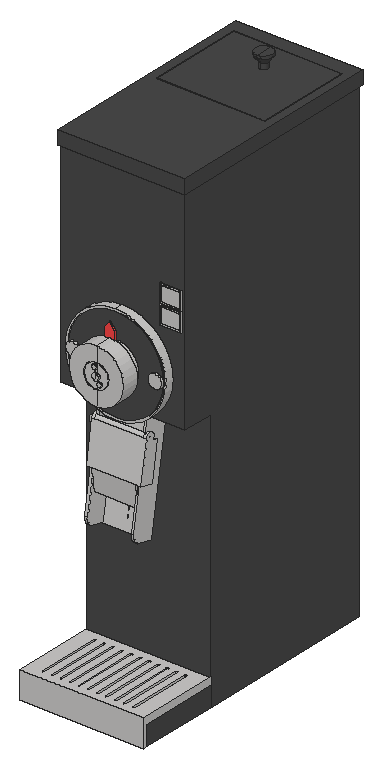
Revit family "QF_ELECTROLUXPROFESSIONAL_600794_E890UK", category Specialty Equipment, Revit 2018
Family settings
  Round Connector Dimension = Use Diameter
  Part Type = Normal
  Work Plane-Based = No
  Always vertical = Yes
  Cut with Voids When Loaded = No
  Shared = No
  Room Calculation Point = No
Parameters
  Weight = 0.00 lbm
  Watts = 0 W
  Volts = 230 V
  URL Manufacturer = "http://professional.electrolux.com"
  URL = "http://professional.electrolux.com"
  Steam Supply Size = 0 mm
  Steam Supply Minimum Pressure = 0.00 psi
  Steam Supply Maximum Pressure = 0.00 psi
  Steam Pounds per Hour = 0
  Show Clearance [instance] = yes
  Refrigeration Suction Line Size = 0 mm
  Refrigeration Liquid Line Size = 0 mm
  Refrigerant Compressor Remote = yes
  Phase = 1
  Model = "E890UK"
  Manufacturer = "Electrolux"
  Length Actual = 178 mm  # constant formula
  Item Number = "600794"
  Hot Water Size = 0 mm
  Height Actual = 711 mm  # constant formula
  HP = "1.1 HP"
  Gas Size = 0 mm
  Gas KW = 0
  Gas Input Pressure = 0.0 Btu/h
  Direct Waste Size = 0 mm
  Description = "GRINDER. ONE 1.4 KG HOPPER - BLACK-UK PLUG"
  Depth Actual = 381 mm  # constant formula
  Cycle = 50 Hz
  Condensate Return Size = 0 mm
  Compressed Air Volume = 0 GPM
  Compressed Air Size = 0 mm
  Compressed Air Pressure = 0.00 psi
  Cold Water Size = 0 mm
  Accessory = yes
Reference planes
  plane 1 "BACK": y = 0
  plane 2: z = 0
  plane 3 "LEFT": x = 0
  plane 4 "RIGHT": x = 177.8
  plane 5 "FRONT": y = -381
  plane 6 "TOP": z = 685.8
  plane 7 "Center Y": x = 88.9
  plane 8 "Center X": y = -190.5
  plane 9: y = -355.6
  plane 10: z = 368.3
  plane 11: z = 38.1
  plane 12: z = 247.65
  plane 13: z = 426.161
Forms (mm)
  Extrusion 1, solid, material "QF_Plastic - Black - Smooth"
    sketch origin (0, 0, 0) x (0, 1, 0) y (0, 0, 1)
      loop
        line (-309.442, 666.75) -> (-309.442, 368.3) -> (-264.385, 368.3) -> (-264.385, 0) -> (-3.747, 0) -> (-3.747, 666.75) -> (-309.442, 666.75)
    from 2.013 to 175.787
  Extrusion 2, solid, material "QF_Metal - Stainless - Polished"
    sketch origin (0, -309.442, 666.75) x (0, 0, -1) y (1, 0, 0)
      loop
        circle (240.589, 88.9) r 69.85
      loop
        circle (240.589, 88.9) r 67.38
    from 0 to 12.481
  Extrusion 3, solid, material "QF_Plastic - Black - Smooth"
    sketch origin (0, -309.442, 666.75) x (0, 0, -1) y (1, 0, 0)
      loop
        circle (240.589, 88.9) r 67.38
    from 0 to 12.481
  Extrusion 4, solid, material "QF_Metal - Stainless - Polished"
    sketch origin (88.9, -355.6, 426.952) x (0, 0, 1) y (-1, 0, 0)
      loop
        circle (10.204, 2.254) r 3.175
      loop
        circle (-10.006, -4.691) r 3.175
    from 0 to 0.794
  Extrusion 5, solid, material "QF_Metal - Stainless - Polished"
    sketch origin (0, -309.442, 666.75) x (0, 0, -1) y (1, 0, 0)
      loop
        line (124.105, 142.513) -> (149.505, 142.513) -> (149.505, 171.705) -> (124.105, 171.705) -> (124.105, 142.513)
      loop
        line (176.95, 142.513) -> (176.95, 171.705) -> (151.55, 171.705) -> (151.55, 142.513) -> (176.95, 142.513)
      loop
        line (125.692, 170.117) -> (125.692, 144.101) -> (147.917, 144.101) -> (147.917, 170.117) -> (125.692, 170.117)
      loop
        line (153.138, 170.117) -> (153.138, 144.101) -> (175.363, 144.101) -> (175.363, 170.117) -> (153.138, 170.117)
    from 0 to 1.588
  Extrusion 6, solid, material "QF_Metal - Stainless - Polished"
    sketch origin (0, -309.442, 666.75) x (0, 0, -1) y (1, 0, 0)
      loop
        line (147.917, 144.101) -> (147.917, 170.117) -> (125.692, 170.117) -> (125.692, 144.101) -> (147.917, 144.101)
      loop
        line (153.138, 144.101) -> (175.363, 144.101) -> (175.363, 170.117) -> (153.138, 170.117) -> (153.138, 144.101)
    from 0 to 1.588
  Extrusion 7, solid, material "QF_Metal - Stainless - Polished"
    sketch origin (0, 0, 0) x (0, 1, 0) y (0, 0, 1)
      loop
        line (-377.825, 27.995) -> (-377.825, 0) -> (-264.385, 0) -> (-264.385, 27.995) -> (-377.825, 27.995)
    from 2.013 to 175.787
  Extrusion 8, solid, material "QF_Metal - Stainless - Polished"
    sketch origin (0, -264.385, 387.35) x (0, 0, -1) y (1, 0, 0)
      loop
        line (359.355, 2.013) -> (359.355, 5.188) -> (349.25, 5.188) -> (349.25, 2.013) -> (359.355, 2.013)
      loop
        line (359.355, 175.787) -> (349.25, 175.787) -> (349.25, 172.612) -> (359.355, 172.612) -> (359.355, 175.787)
    from 0 to 113.44
  Extrusion 9, solid, material "QF_Metal - Stainless - Polished"
    sketch origin (7.246, -264.385, 38.1) x (-1, 0, 0) y (0, -1, 0)
      loop
        line (2.058, 0) -> (2.058, 113.44) -> (-165.367, 113.44) -> (-165.367, 0) -> (2.058, 0)
      loop
        arc (-16.599, 104.033) -> (-18.187, 105.621) -> (-19.774, 104.033) r 1.587
        line (-19.774, 104.033) -> (-19.774, 14.918)
        arc (-19.774, 14.918) -> (-18.187, 13.331) -> (-16.599, 14.918) r 1.587
        line (-16.599, 14.918) -> (-16.599, 104.033)
      loop
        arc (-29.299, 104.033) -> (-30.887, 105.621) -> (-32.474, 104.033) r 1.587
        line (-32.474, 104.033) -> (-32.474, 14.918)
        arc (-32.474, 14.918) -> (-30.887, 13.331) -> (-29.299, 14.918) r 1.587
        line (-29.299, 14.918) -> (-29.299, 104.033)
      loop
        arc (-41.999, 104.033) -> (-43.587, 105.621) -> (-45.174, 104.033) r 1.587
        line (-45.174, 104.033) -> (-45.174, 14.918)
        arc (-45.174, 14.918) -> (-43.587, 13.331) -> (-41.999, 14.918) r 1.587
        line (-41.999, 14.918) -> (-41.999, 104.033)
      loop
        arc (-54.699, 104.033) -> (-56.287, 105.621) -> (-57.874, 104.033) r 1.587
        line (-57.874, 104.033) -> (-57.874, 14.918)
        arc (-57.874, 14.918) -> (-56.287, 13.331) -> (-54.699, 14.918) r 1.587
        line (-54.699, 14.918) -> (-54.699, 104.033)
      loop
        arc (-67.399, 104.033) -> (-68.987, 105.621) -> (-70.574, 104.033) r 1.587
        line (-70.574, 104.033) -> (-70.574, 14.918)
        arc (-70.574, 14.918) -> (-68.987, 13.331) -> (-67.399, 14.918) r 1.587
        line (-67.399, 14.918) -> (-67.399, 104.033)
      loop
        arc (-80.099, 104.033) -> (-81.687, 105.621) -> (-83.274, 104.033) r 1.587
        line (-83.274, 104.033) -> (-83.274, 14.918)
        arc (-83.274, 14.918) -> (-81.687, 13.331) -> (-80.099, 14.918) r 1.587
        line (-80.099, 14.918) -> (-80.099, 104.033)
      loop
        arc (-92.799, 104.033) -> (-94.387, 105.621) -> (-95.974, 104.033) r 1.587
        line (-95.974, 104.033) -> (-95.974, 14.918)
        arc (-95.974, 14.918) -> (-94.387, 13.331) -> (-92.799, 14.918) r 1.587
        line (-92.799, 14.918) -> (-92.799, 104.033)
      loop
        arc (-105.499, 104.033) -> (-107.087, 105.621) -> (-108.674, 104.033) r 1.587
        line (-108.674, 104.033) -> (-108.674, 14.918)
        arc (-108.674, 14.918) -> (-107.087, 13.331) -> (-105.499, 14.918) r 1.587
        line (-105.499, 14.918) -> (-105.499, 104.033)
      loop
        arc (-118.199, 104.033) -> (-119.787, 105.621) -> (-121.374, 104.033) r 1.587
        line (-121.374, 104.033) -> (-121.374, 14.918)
        arc (-121.374, 14.918) -> (-119.787, 13.331) -> (-118.199, 14.918) r 1.587
        line (-118.199, 14.918) -> (-118.199, 104.033)
      loop
        arc (-130.899, 104.033) -> (-132.487, 105.621) -> (-134.074, 104.033) r 1.587
        line (-134.074, 104.033) -> (-134.074, 14.918)
        arc (-134.074, 14.918) -> (-132.487, 13.331) -> (-130.899, 14.918) r 1.587
        line (-130.899, 14.918) -> (-130.899, 104.033)
      loop
        arc (-143.599, 104.033) -> (-145.187, 105.621) -> (-146.774, 104.033) r 1.587
        line (-146.774, 104.033) -> (-146.774, 14.918)
        arc (-146.774, 14.918) -> (-145.187, 13.331) -> (-143.599, 14.918) r 1.587
        line (-143.599, 14.918) -> (-143.599, 104.033)
    from 0 to -3.175
  Extrusion 10, solid, material "QF_Metal - Stainless - Polished"
    sketch origin (0, -377.825, 34.674) x (0, 0, 1) y (-1, 0, 0)
      loop
        line (-34.674, -2.013) -> (-34.674, -175.787) -> (3.426, -175.787) -> (3.426, -2.013) -> (-34.674, -2.013)
    from 0 to 3.175
  Extrusion 11, solid, material "QF_Door-Drawer Clearances", visible <- "Show Clearance", detail levels coarse
    sketch origin (0, 0, 0) x (0, 1, 0) y (0, 0, 1)
      loop
        line (-155.281, 685.8) -> (-19.75, 685.8)
        arc (-19.75, 685.8) -> (-71.644, 756.009) -> (-155.281, 781.05) r 138.068
        line (-155.281, 781.05) -> (-155.281, 685.8)
    from 12.7 to 165.1
  Extrusion 12, solid, material "QF_Metal - Stainless - Polished"
    sketch origin (0, 0, -19.05) x (0, 1, 0) y (0, 0, 1)
      loop
        line (-274.945, 387.35) -> (-307.929, 387.35) -> (-332.59, 247.495)
        arc (-332.59, 247.495) -> (-330.734, 238.372) -> (-323.155, 232.967) r 12.7
        line (-323.155, 232.967) -> (-303.051, 227.954) -> (-274.945, 387.35)
    from 54.596 to 57.778
  Extrusion 13, solid, material "QF_Metal - Stainless - Polished"
    sketch origin (177.8, 0, -19.05) x (0, 1, 0) y (0, 0, -1)
      loop
        line (-274.945, -387.35) -> (-303.051, -227.954) -> (-323.155, -232.967)
        arc (-323.155, -232.967) -> (-330.734, -238.372) -> (-332.59, -247.495) r 12.7
        line (-332.59, -247.495) -> (-307.929, -387.35) -> (-274.945, -387.35)
    from 54.596 to 57.778
  Extrusion 14, solid, material "QF_Metal - Stainless - Polished"
    sketch origin (177.8, 0, -19.05) x (0, 1, 0) y (0, 0, -1)
      loop
        line (-274.945, -387.35) -> (-303.051, -227.954) -> (-306.139, -228.724) -> (-278.169, -387.35) -> (-274.945, -387.35)
    from 57.778 to 120.022
  Extrusion 15, solid, material "QF_Metal - Stainless - Polished"
    sketch origin (88.9, 0, -6.35) x (0, 1, 0) y (0, 0, 1)
      loop
        line (-294.166, 278.341) -> (-302.411, 231.58) -> (-295.737, 231.58)
        arc (-295.737, 231.58) -> (-290.17, 232.688) -> (-285.45, 235.841) r 14.548
        line (-285.45, 235.841) -> (-279.129, 242.162)
        arc (-279.129, 242.162) -> (-274.751, 252.734) -> (-279.129, 263.305) r 14.95
        line (-279.129, 263.305) -> (-294.166, 278.341)
    from -1.588 to 1.588
  Extrusion 16, solid, material "QF_Metal - Stainless - Polished"
    sketch origin (88.9, 0, -6.35) x (0, 1, 0) y (0, 0, 1)
      loop
        line (-288.967, 273.143) -> (-279.129, 263.305)
        arc (-279.129, 263.305) -> (-274.751, 252.734) -> (-279.129, 242.162) r 14.95
        line (-279.129, 242.162) -> (-285.45, 235.841)
        arc (-285.45, 235.841) -> (-287.655, 234.032) -> (-290.17, 232.688) r 14.548
        line (-290.17, 232.688) -> (-264.385, 188.026) -> (-264.385, 297.726) -> (-288.967, 273.143)
    from -1.588 to 1.588
  Extrusion 17, solid, material "QF_Metal - Stainless - Polished"
    sketch origin (177.8, 0, -19.05) x (0, 1, 0) y (0, 0, -1)
      loop
        line (-297.625, -354.366) -> (-306.973, -301.35) -> (-325.503, -305.97) -> (-315.625, -361.989)
        arc (-315.625, -361.989) -> (-308.269, -367.14) -> (-303.118, -359.784) r 6.35
        line (-303.118, -359.784) -> (-303.879, -355.468) -> (-297.625, -354.366)
      loop
        circle (-308.881, -362.582) r 1.85
    from 54.596 to 50.8
  Extrusion 18, solid, material "QF_Metal - Stainless - Polished"
    sketch origin (0, 0, -19.05) x (0, 1, 0) y (0, 0, 1)
      loop
        line (-297.625, 354.366) -> (-303.879, 355.468) -> (-303.118, 359.784)
        arc (-303.118, 359.784) -> (-308.269, 367.14) -> (-315.625, 361.989) r 6.35
        line (-315.625, 361.989) -> (-325.503, 305.97) -> (-306.973, 301.35) -> (-297.625, 354.366)
      loop
        circle (-308.881, 362.582) r 1.85
    from 54.596 to 50.8
  Extrusion 19, solid, material "QF_Metal - Stainless - Polished"
    sketch origin (177.8, 0, -19.05) x (0, 1, 0) y (0, 0, -1)
      loop
        line (-311.543, -366.854) -> (-322.414, -305.2) -> (-325.503, -305.97) -> (-315.625, -361.989)
        arc (-315.625, -361.989) -> (-314.236, -364.968) -> (-311.543, -366.854) r 6.35
    from 54.596 to 123.204
  Extrusion 20, solid, material "QF_Metal - Stainless - Polished"
    sketch origin (177.8, 0, -19.05) x (0, 1, 0) y (0, 0, -1)
      loop
        line (-322.414, -305.2) -> (-318.711, -275.034) -> (-321.66, -274.672) -> (-325.503, -305.97) -> (-322.414, -305.2)
    from 57.778 to 120.022
  Extrusion 21, solid, material "QF_Metal - Stainless - Polished"
    sketch origin (0, -264.385, 368.3) x (0, 0, -1) y (1, 0, 0)
      loop
        circle (62.446, 14.868) r 6.35
    from 0 to 3.175
  Revolve 22, solid, material "QF_Metal - Stainless - Polished"
    sketch origin (88.9, 0, -22.222) x (0, 1, 0) y (0, 0, 1)
      loop
        line (-357.61, 448.383) -> (-321.923, 448.383) -> (-321.923, 480.133) -> (-332.345, 480.133) -> (-332.345, 486.483) -> (-355.6, 486.483) -> (-355.6, 465.87) -> (-354.485, 465.87) -> (-354.485, 465.077) -> (-355.6, 465.077) -> (-355.6, 452.984) -> (-357.61, 452.984) -> (-357.61, 448.383)
      axis (-357.61, 448.383) -> (-321.923, 448.383)
    angle from 0 to 360
  Extrusion 23, solid, material "QF_Metal - Stainless - Polished"
    sketch origin (0, -321.923, 644.528) x (0, 0, -1) y (1, 0, 0)
      loop
        circle (218.367, 31.135) r 9.332
      loop
        circle (218.367, 146.665) r 9.332
    from 0 to 3.175
  Extrusion 24, solid, material "QF_Plastic - Red - Smooth"
    sketch origin (88.9, -332.345, 426.161) x (-1, 0, 0) y (0, 0, 1)
      loop
        line (7.332, 15.876) -> (7.332, 49.18) -> (0, 58.234) -> (-7.332, 49.18) -> (-7.332, 15.876)
        arc (-7.332, 15.876) -> (0, 17.487) -> (7.332, 15.876) r 17.487
    from 0 to 0.794
  Extrusion 25, solid, material "QF_Plastic - Black - Smooth"
    sketch origin (-975.299, -4572, 685.8) x (-1, 0, 0) y (0, -1, 0)
      loop
        line (-975.299, -4572) -> (-975.299, -4259.384) -> (-1153.099, -4259.384) -> (-1153.099, -4572) -> (-975.299, -4572)
      loop
        line (-987.999, -4552.25) -> (-987.999, -4416.719) -> (-1140.399, -4416.719) -> (-1140.399, -4552.25) -> (-987.999, -4552.25)
    from 0 to -19.05
  Extrusion 26, solid, material "QF_Plastic - Black - Smooth"
    sketch origin (-975.299, -4572, 685.8) x (-1, 0, 0) y (0, -1, 0)
      loop
        line (-987.999, -4552.25) -> (-987.999, -4416.719) -> (-1140.399, -4416.719) -> (-1140.399, -4552.25) -> (-987.999, -4552.25)
    from 0 to -19.05
  Revolve 27, solid, material "QF_Plastic - Black - Smooth"
    sketch origin (88.9, 183.335, 1219.2) x (0, 1, 0) y (0, 0, 1)
      loop
        line (-245.247, -513.819) -> (-257.154, -513.819) -> (-257.154, -517.187) -> (-250.761, -525.806) -> (-250.761, -533.4) -> (-245.247, -533.4) -> (-245.247, -513.819)
      axis (-245.247, -533.4) -> (-245.247, -513.819)
    angle from 0 to 360
Cuts and joins
  joined: Extrusion 8, Extrusion 9, Extrusion 10
  joined: Extrusion 17, Extrusion 18, Extrusion 19
Lines and regions (mm)
  Split face 1
    outline origin (0, -264.385, 387.35) x (0, 0, -1) y (1, 0, 0)
      loop
        line (222.858, 37.338) -> (248.258, 37.338) -> (248.258, 140.462) -> (222.858, 140.462) -> (222.858, 37.338)
  Split face 2
    outline origin (0, -309.442, 628.65) x (0, 0, -1) y (1, 0, 0)
      loop
        line (73.188, 10.037) -> (76.363, 10.037) -> (76.363, 167.763) -> (73.188, 167.763) -> (73.188, 10.037)
  Split face 3
    outline origin (0, -309.442, 624.681) x (0, 0, -1) y (1, 0, 0)
      loop
        line (73.188, 10.037) -> (76.363, 10.037) -> (76.363, 167.763) -> (73.188, 167.763) -> (73.188, 10.037)
  symbolic lines
    curve 1: line (0, 0, 0) -> (177.8, 0, 0)
    curve 2: line (0, -312.616, 0) -> (0, 0, 0)
    curve 3: line (177.8, -312.616, 0) -> (0, -312.616, 0)
    curve 4: line (177.8, 0, 0) -> (177.8, -312.616, 0)
    curve 5: line (175.787, -381, 0) -> (175.787, -312.616, 0)
    curve 6: line (2.013, -312.616, 0) -> (2.013, -381, 0)
    curve 7: line (2.013, -381, 0) -> (175.787, -381, 0)
    curve 8: line (19.05, -321.923, 0) -> (19.05, -312.616, 0)
    curve 9: line (19.05, -321.923, 0) -> (158.75, -321.923, 0)
    curve 10: line (158.75, -321.923, 0) -> (158.75, -312.616, 0)
    curve 11: line (23.845, -368.418, 0) -> (23.845, -325.098, 0)
    curve 12: line (27.02, -325.098, 0) -> (27.02, -368.418, 0)
    curve 13: arc (27.02, -368.418, 0) -> (25.432, -370.006, 0) -> (23.845, -368.418, 0) r 1.588
    curve 14: line (36.545, -368.418, 0) -> (36.545, -325.098, 0)
    curve 15: line (39.72, -325.098, 0) -> (39.72, -368.418, 0)
    curve 16: arc (39.72, -368.418, 0) -> (38.132, -370.006, 0) -> (36.545, -368.418, 0) r 1.588
    curve 17: line (40.468, -325.098, 0) -> (21.803, -325.098, 0)
    curve 18: line (21.803, -325.098, 0) -> (21.803, -321.923, 0)
    curve 19: line (40.468, -325.098, 0) -> (40.468, -321.923, 0)
    curve 20: line (153.955, -368.418, 0) -> (153.955, -325.098, 0)
    curve 21: line (150.78, -325.098, 0) -> (150.78, -368.418, 0)
    curve 22: arc (150.78, -368.418, 0) -> (152.368, -370.006, 0) -> (153.955, -368.418, 0) r 1.588
    curve 23: line (141.255, -368.418, 0) -> (141.255, -325.098, 0)
    curve 24: line (138.08, -325.098, 0) -> (138.08, -368.418, 0)
    curve 25: arc (138.08, -368.418, 0) -> (139.668, -370.006, 0) -> (141.255, -368.418, 0) r 1.588
    curve 26: line (155.997, -325.098, 0) -> (155.997, -321.923, 0)
    curve 27: line (155.997, -325.098, 0) -> (137.332, -325.098, 0)
    curve 28: line (137.332, -325.098, 0) -> (137.332, -321.923, 0)
    curve 29: line (49.245, -368.418, 0) -> (49.245, -321.923, 0)
    curve 30: line (52.42, -325.503, 0) -> (52.42, -332.345, 0)
    curve 31: arc (52.42, -368.418, 0) -> (50.832, -370.006, 0) -> (49.245, -368.418, 0) r 1.587
    curve 32: line (50.8, -332.345, 0) -> (127, -332.345, 0)
    curve 33: line (50.8, -355.6, 0) -> (50.8, -332.345, 0)
    curve 34: line (127, -355.6, 0) -> (50.8, -355.6, 0)
    curve 35: line (127, -332.345, 0) -> (127, -355.6, 0)
    curve 36: line (52.42, -355.6, 0) -> (52.42, -368.418, 0)
    curve 37: arc (65.12, -368.418, 0) -> (63.532, -370.006, 0) -> (61.945, -368.418, 0) r 1.587
    curve 38: arc (77.82, -368.418, 0) -> (76.232, -370.006, 0) -> (74.645, -368.418, 0) r 1.587
    curve 39: arc (103.22, -368.418, 0) -> (101.632, -370.006, 0) -> (100.045, -368.418, 0) r 1.587
    curve 40: arc (115.92, -368.418, 0) -> (114.332, -370.006, 0) -> (112.745, -368.418, 0) r 1.587
    curve 41: arc (128.62, -368.418, 0) -> (127.032, -370.006, 0) -> (125.445, -368.418, 0) r 1.587
    curve 42: line (61.945, -368.418, 0) -> (61.945, -355.6, 0)
    curve 43: line (65.12, -368.418, 0) -> (65.12, -355.6, 0)
    curve 44: line (74.645, -368.418, 0) -> (74.645, -355.6, 0)
    curve 45: line (77.82, -368.418, 0) -> (77.82, -355.6, 0)
    curve 46: line (100.045, -368.418, 0) -> (100.045, -355.6, 0)
    curve 47: line (103.22, -368.418, 0) -> (103.22, -355.6, 0)
    curve 48: line (112.745, -368.418, 0) -> (112.745, -355.6, 0)
    curve 49: line (115.92, -368.418, 0) -> (115.92, -355.6, 0)
    curve 50: line (125.445, -368.418, 0) -> (125.445, -355.6, 0)
    curve 51: line (128.62, -368.418, 0) -> (128.62, -321.923, 0)
    curve 52: line (87.345, -368.418, 0) -> (87.345, -357.61, 0)
    curve 53: line (90.52, -368.418, 0) -> (90.52, -357.61, 0)
    curve 54: line (84.3, -357.61, 0) -> (84.3, -356.394, 0)
    curve 55: line (84.3, -356.394, 0) -> (83.471, -356.394, 0)
    curve 56: line (83.471, -356.394, 0) -> (83.471, -355.6, 0)
    curve 57: line (84.3, -357.61, 0) -> (93.5, -357.61, 0)
    curve 58: line (93.5, -357.61, 0) -> (93.5, -356.394, 0)
    curve 59: line (93.5, -356.394, 0) -> (96.766, -356.394, 0)
    curve 60: line (96.766, -356.394, 0) -> (96.766, -355.6, 0)
    curve 61: line (89.821, -356.394, 0) -> (89.821, -355.6, 0)
    curve 62: line (84.3, -356.394, 0) -> (89.821, -356.394, 0)
    curve 63: line (120.65, -321.923, 0) -> (120.65, -332.345, 0)
    curve 64: line (57.15, -321.923, 0) -> (57.15, -332.345, 0)
    curve 65: line (50.8, -325.503, 0) -> (57.15, -325.503, 0)
    curve 66: line (50.8, -325.503, 0) -> (50.8, -321.923, 0)
    curve 67: line (123.204, -325.503, 0) -> (123.204, -332.345, 0)
    curve 68: line (125.445, -325.503, 0) -> (125.445, -332.345, 0)
    curve 69: line (12.7, -19.75, 685.8) -> (165.1, -19.75, 685.8)
    curve 70: line (12.7, -155.281, 685.8) -> (12.7, -19.75, 685.8)
    curve 71: line (165.1, -155.281, 685.8) -> (12.7, -155.281, 685.8)
    curve 72: line (165.1, -19.75, 685.8) -> (165.1, -155.281, 685.8)
    curve 73: circle (88.9, -61.912, 685.8) r 11.906 normal (0, 0, 1)
    curve 74: line (127, -325.503, 685.8) -> (127, -321.923, 685.8)
    curve 75: line (127, -325.503, 685.8) -> (120.65, -325.503, 685.8)
    curve 76: line (54.596, -325.503, 685.8) -> (54.596, -332.345, 685.8)
    curve 77: arc (90.52, -368.418, 685.8) -> (88.932, -370.006, 685.8) -> (87.345, -368.418, 685.8) r 1.587
Dimensions and locks
  equal spacing: plane 3 "LEFT", plane 7 "Center Y", plane 4 "RIGHT"
  plane 3 "LEFT" to plane 4 "RIGHT" = 177.8 mm
  equal spacing: plane 5 "FRONT", plane 8 "Center X", plane 1 "BACK"
  plane 5 "FRONT" to plane 1 "BACK" = 381 mm  (x2)
  plane 6 "TOP" to level = 685.8 mm
  plane 9 to plane 1 "BACK" = 355.6 mm
  plane 6 "TOP" to plane 2 = 685.8 mm
  plane 2 to plane 11 = 38.1 mm
  plane 11 to plane 10 = 330.2 mm
  plane 11 to plane 12 = 209.55 mm
  aligned and locked: plane 2 to level
Automatic sketch dimensions
  curve 3 to plane 3 "LEFT" = 0 mm
  plane 5 "FRONT" to curve 6 = 0 mm
  curve 34 to plane 9 = 0 mm
  curve 3 to plane 4 "RIGHT" = 0 mm
  plane 1 "BACK" to curve 1 = 0 mm
  plane 3 "LEFT" to curve 6 = 2.013 mm
  plane 3 "LEFT" to curve 8 = 19.05 mm
  curve 8 to curve 18 = 2.753 mm
  plane 3 "LEFT" to curve 11 = 23.845 mm
  curve 11 to curve 13 = 1.587 mm
  curve 13 to curve 14 = 9.525 mm
  curve 16 to curve 16 = 1.588 mm
  curve 15 to curve 17 = 0.748 mm
  curve 15 to curve 29 = 9.525 mm
  curve 29 to curve 66 = 1.555 mm
  curve 29 to curve 34 = 1.555 mm
  curve 29 to curve 31 = 1.587 mm
  curve 31 to curve 42 = 9.525 mm
  curve 42 to curve 37 = 1.587 mm
  curve 37 to curve 44 = 9.525 mm
  curve 44 to curve 38 = 1.587 mm
  curve 56 to plane 9 = 0.794 mm
  curve 56 to plane 7 "Center Y" = 5.429 mm
  curve 55 to curve 54 = 0.829 mm
  plane 7 "Center Y" to curve 62 = 0.921 mm
  curve 59 to plane 9 = 0.794 mm
  curve 61 to curve 59 = 3.68 mm
  curve 58 to curve 60 = 3.266 mm
  plane 7 "Center Y" to curve 46 = 11.145 mm
  curve 39 to curve 39 = 1.587 mm
  curve 39 to curve 48 = 9.525 mm
  curve 48 to curve 40 = 1.587 mm
  curve 49 to curve 50 = 9.525 mm
  curve 50 to curve 35 = 1.555 mm
  curve 50 to curve 41 = 1.587 mm
  curve 51 to curve 27 = 8.713 mm
  curve 51 to curve 24 = 9.461 mm
  curve 24 to curve 25 = 1.587 mm
  curve 25 to curve 21 = 9.525 mm
  curve 22 to curve 22 = 1.587 mm
  curve 20 to curve 27 = 2.042 mm
  curve 26 to curve 9 = 2.753 mm
  plane 4 "RIGHT" to curve 5 = 2.013 mm
  curve 40 to plane 5 "FRONT" = 12.582 mm
  curve 39 to curve 40 = 0 mm
  curve 44 to plane 5 "FRONT" = 12.582 mm
  curve 37 to curve 38 = 0 mm
  curve 36 to curve 37 = 0 mm
  curve 11 to plane 5 "FRONT" = 12.582 mm
  curve 13 to curve 14 = 0 mm
  curve 20 to plane 5 "FRONT" = 12.582 mm
  curve 51 to plane 5 "FRONT" = 12.582 mm
  curve 23 to curve 21 = 0 mm
  curve 57 to curve 58 = 1.216 mm
  curve 33 to curve 33 = 23.255 mm
  curve 32 to curve 66 = 6.843 mm
  curve 32 to curve 27 = 7.248 mm
  curve 65 to curve 19 = 0.405 mm
  curve 26 to curve 10 = 3.175 mm
  curve 8 to curve 3 = 9.307 mm
  curve 32 to curve 30 = 1.62 mm
  curve 30 to curve 64 = 4.73 mm
  curve 52 to plane 7 "Center Y" = 1.555 mm
  plane 7 "Center Y" to curve 53 = 1.62 mm
  curve 63 to curve 32 = 6.35 mm
  curve 63 to curve 67 = 2.554 mm
  curve 68 to curve 32 = 1.555 mm
  curve 53 to curve 46 = 0 mm
  curve 52 to curve 53 = 0 mm
  curve 67 to curve 63 = 3.58 mm
  curve 67 to curve 68 = 0 mm
  Extrusion 1 sketch curve to plane 10 = 0 mm
  Extrusion 1 sketch curve to level = 0 mm
  plane 9 to Extrusion 1 sketch curve = 46.158 mm
  Extrusion 1 sketch curve to plane 8 "Center X" = 73.885 mm
  plane 1 "BACK" to Extrusion 1 sketch curve = 3.747 mm
  Extrusion 1 sketch curve to plane 6 "TOP" = 19.05 mm
  Split face 1 sketch curve to Extrusion 1 = 35.325 mm  (x2)
  Split face 1 sketch curve to Extrusion 1 = 164.492 mm
  Split face 1 sketch curve to Split face 1 sketch curve = 25.4 mm
  Extrusion 2 sketch curve to Extrusion 2 sketch curve = 0 mm  (x6)
  Extrusion 1 to Extrusion 2 sketch curve = 57.861 mm
  Extrusion 1 to Extrusion 2 sketch curve = 86.887 mm
  Extrusion 2 sketch curve to Extrusion 2 sketch curve = 67.38 mm
  Extrusion 1 to Extrusion 3 sketch curve = 57.861 mm
  Extrusion 1 to Extrusion 3 sketch curve = 86.887 mm
  Extrusion 4 sketch curve to plane 13 = 9.216 mm
  Extrusion 4 sketch curve to plane 7 "Center Y" = 2.254 mm
  plane 13 to Extrusion 4 sketch curve = 10.995 mm
  plane 7 "Center Y" to Extrusion 4 sketch curve = 4.691 mm
  Extrusion 1 to Extrusion 5 sketch curve = 4.083 mm
  Extrusion 1 to Extrusion 5 sketch curve = 124.105 mm
  Extrusion 5 sketch curve to Extrusion 5 sketch curve = 1.587 mm  (x5)
  Extrusion 1 to Extrusion 5 sketch curve = 5.67 mm  (x2)
  Extrusion 5 sketch curve to Extrusion 5 sketch curve = 22.225 mm  (x2)
  Extrusion 5 sketch curve to Extrusion 5 sketch curve = 2.045 mm
  Extrusion 5 sketch curve to Extrusion 5 sketch curve = 26.016 mm
  Extrusion 5 sketch curve to Extrusion 5 sketch curve = 0 mm  (x2)
  Extrusion 5 sketch curve to Extrusion 5 sketch curve = 1.588 mm
  Extrusion 1 to Extrusion 6 sketch curve = 31.686 mm
  Extrusion 1 to Extrusion 6 sketch curve = 125.692 mm
  Extrusion 1 to Extrusion 6 sketch curve = 5.67 mm  (x2)
  Extrusion 6 sketch curve to Extrusion 6 sketch curve = 22.225 mm  (x2)
  Extrusion 6 sketch curve to Extrusion 6 sketch curve = 5.22 mm
  Extrusion 6 sketch curve to Extrusion 6 sketch curve = 0 mm
  Split face 2 sketch curve to Extrusion 1 = 8.024 mm  (x2)
  Split face 2 sketch curve to Extrusion 1 = 111.288 mm
  Split face 2 sketch curve to Split face 2 sketch curve = 3.175 mm
  Split face 3 sketch curve to Extrusion 1 = 8.024 mm  (x2)
  Split face 3 sketch curve to Extrusion 1 = 115.257 mm
  Split face 3 sketch curve to Split face 3 sketch curve = 3.175 mm
  Extrusion 7 sketch curve to level = 0 mm
  Extrusion 7 sketch curve to plane 5 "FRONT" = 3.175 mm
  Extrusion 7 sketch curve to plane 8 "Center X" = 73.885 mm
  plane 11 to Extrusion 7 sketch curve = 10.105 mm
  Extrusion 8 sketch curve to Extrusion 1 = 0 mm
  Extrusion 1 to Extrusion 8 sketch curve = 0 mm
  Extrusion 1 to Extrusion 8 sketch curve = 3.175 mm  (x2)
  Extrusion 8 sketch curve to Extrusion 1 = 38.1 mm  (x2)
  Extrusion 8 sketch curve to Extrusion 8 sketch curve = 10.105 mm  (x2)
  Extrusion 8 to Extrusion 9 sketch curve = 0 mm  (x2)
  Extrusion 9 sketch curve to Extrusion 8 = 0 mm
  Extrusion 9 sketch curve to Extrusion 8 = 18.657 mm
  Extrusion 9 sketch curve to Extrusion 9 sketch curve = 1.587 mm  (x11)
  Extrusion 9 sketch curve to Extrusion 9 sketch curve = 9.525 mm  (x10)
  Extrusion 9 sketch curve to Extrusion 9 sketch curve = 18.593 mm
  Extrusion 8 to Extrusion 9 sketch curve = 14.918 mm  (x2)
  Extrusion 9 sketch curve to Extrusion 9 sketch curve = 0 mm  (x9)
  Extrusion 8 to Extrusion 9 sketch curve = 9.407 mm  (x11)
  Extrusion 7 to Extrusion 10 sketch curve = 0 mm
  Extrusion 10 sketch curve to Extrusion 7 = 0 mm  (x2)
  Extrusion 10 sketch curve to Extrusion 7 = 10.105 mm
  Extrusion 12 sketch curve to plane 10 = 0 mm
  plane 9 to Extrusion 12 sketch curve = 23.01 mm
  Extrusion 12 sketch curve to Extrusion 12 sketch curve = 9.435 mm
  Extrusion 12 sketch curve to Extrusion 12 sketch curve = 3.072 mm
  plane 9 to Extrusion 12 sketch curve = 47.671 mm
  Extrusion 12 sketch curve to Extrusion 12 sketch curve = 20.104 mm
  Extrusion 12 sketch curve to Extrusion 12 sketch curve = 32.984 mm
  plane 12 to Extrusion 12 sketch curve = 19.205 mm
  Extrusion 12 sketch curve to Extrusion 12 sketch curve = 2.205 mm
  Extrusion 12 sketch curve to Extrusion 12 sketch curve = 5.013 mm
  Extrusion 13 sketch curve to plane 10 = 0 mm
  plane 9 to Extrusion 13 sketch curve = 23.01 mm
  Extrusion 13 sketch curve to Extrusion 13 sketch curve = 9.435 mm
  Extrusion 13 sketch curve to Extrusion 13 sketch curve = 3.072 mm
  plane 9 to Extrusion 13 sketch curve = 47.671 mm
  Extrusion 13 sketch curve to Extrusion 13 sketch curve = 20.104 mm
  Extrusion 13 sketch curve to Extrusion 13 sketch curve = 32.984 mm
  plane 12 to Extrusion 13 sketch curve = 19.205 mm
  Extrusion 13 sketch curve to Extrusion 13 sketch curve = 2.205 mm
  Extrusion 13 sketch curve to Extrusion 13 sketch curve = 5.013 mm
  Extrusion 14 sketch curve to plane 10 = 0 mm
  plane 9 to Extrusion 14 sketch curve = 49.461 mm
  Extrusion 14 sketch curve to Extrusion 14 sketch curve = 3.088 mm
  plane 9 to Extrusion 14 sketch curve = 77.431 mm
  Extrusion 14 sketch curve to Extrusion 14 sketch curve = 3.224 mm
  plane 12 to Extrusion 14 sketch curve = 37.976 mm
  Extrusion 14 sketch curve to Extrusion 14 sketch curve = 0.77 mm
  plane 12 to Extrusion 15 sketch curve = 22.42 mm
  plane 9 to Extrusion 15 sketch curve = 53.189 mm
  Extrusion 15 sketch curve to Extrusion 15 sketch curve = 6.674 mm
  Extrusion 15 sketch curve to plane 12 = 24.341 mm
  Extrusion 15 sketch curve to Extrusion 15 sketch curve = 1.571 mm
  plane 12 to Extrusion 15 sketch curve = 1.266 mm
  Extrusion 15 sketch curve to Extrusion 15 sketch curve = 6.037 mm
  plane 12 to Extrusion 15 sketch curve = 18.159 mm
  Extrusion 15 sketch curve to Extrusion 15 sketch curve = 10.287 mm
  plane 12 to Extrusion 15 sketch curve = 11.838 mm
  Extrusion 15 sketch curve to Extrusion 15 sketch curve = 6.321 mm
  Extrusion 15 sketch curve to plane 12 = 9.305 mm
  plane 12 to Extrusion 16 sketch curve = 7.872 mm
  plane 9 to Extrusion 16 sketch curve = 59.863 mm
  plane 12 to Extrusion 16 sketch curve = 21.312 mm
  Extrusion 16 sketch curve to Extrusion 16 sketch curve = 5.567 mm
  plane 12 to Extrusion 16 sketch curve = 1.266 mm
  Extrusion 16 sketch curve to Extrusion 16 sketch curve = 6.037 mm
  Extrusion 16 sketch curve to plane 12 = 19.143 mm
  Extrusion 16 sketch curve to Extrusion 16 sketch curve = 0.733 mm
  plane 12 to Extrusion 16 sketch curve = 18.159 mm
  plane 12 to Extrusion 16 sketch curve = 11.838 mm
  Extrusion 16 sketch curve to Extrusion 16 sketch curve = 6.321 mm
  Extrusion 16 sketch curve to plane 12 = 9.305 mm
  Extrusion 16 sketch curve to plane 12 = 43.726 mm
  Extrusion 16 sketch curve to Extrusion 16 sketch curve = 44.661 mm
  plane 9 to Extrusion 17 sketch curve = 30.097 mm
  plane 9 to Extrusion 17 sketch curve = 39.975 mm
  Extrusion 17 sketch curve to Extrusion 17 sketch curve = 6.254 mm
  Extrusion 17 sketch curve to Extrusion 17 sketch curve = 0.491 mm
  Extrusion 17 sketch curve to Extrusion 17 sketch curve = 18.529 mm
  Extrusion 17 sketch curve to plane 10 = 31.882 mm
  Extrusion 17 sketch curve to Extrusion 17 sketch curve = 5.493 mm
  Extrusion 17 sketch curve to plane 10 = 27.566 mm
  Extrusion 17 sketch curve to Extrusion 17 sketch curve = 0.761 mm
  level to Extrusion 17 sketch curve = 335.316 mm
  Extrusion 17 sketch curve to Extrusion 17 sketch curve = 1.103 mm
  Extrusion 17 sketch curve to Extrusion 17 sketch curve = 1.696 mm
  Extrusion 17 sketch curve to Extrusion 17 sketch curve = 4.62 mm
  plane 9 to Extrusion 18 sketch curve = 30.097 mm
  plane 9 to Extrusion 18 sketch curve = 39.975 mm
  Extrusion 18 sketch curve to Extrusion 18 sketch curve = 6.254 mm
  Extrusion 18 sketch curve to Extrusion 18 sketch curve = 0.491 mm
  Extrusion 18 sketch curve to Extrusion 18 sketch curve = 18.529 mm
  Extrusion 18 sketch curve to plane 10 = 31.882 mm
  Extrusion 18 sketch curve to Extrusion 18 sketch curve = 5.493 mm
  Extrusion 18 sketch curve to plane 10 = 27.566 mm
  Extrusion 18 sketch curve to Extrusion 18 sketch curve = 0.761 mm
  level to Extrusion 18 sketch curve = 335.316 mm
  Extrusion 18 sketch curve to Extrusion 18 sketch curve = 4.62 mm
  Extrusion 18 sketch curve to Extrusion 18 sketch curve = 1.103 mm
  Extrusion 18 sketch curve to Extrusion 18 sketch curve = 1.696 mm
  plane 9 to Extrusion 19 sketch curve = 30.097 mm
  Extrusion 19 sketch curve to Extrusion 19 sketch curve = 3.088 mm
  plane 9 to Extrusion 19 sketch curve = 39.975 mm
  Extrusion 19 sketch curve to plane 10 = 20.496 mm
  Extrusion 19 sketch curve to Extrusion 19 sketch curve = 4.082 mm
  Extrusion 19 sketch curve to Extrusion 19 sketch curve = 6.254 mm
  Extrusion 19 sketch curve to Extrusion 19 sketch curve = 4.864 mm
  Extrusion 19 sketch curve to plane 12 = 39.27 mm
  Extrusion 19 sketch curve to Extrusion 19 sketch curve = 0.77 mm
  plane 9 to Extrusion 20 sketch curve = 30.097 mm
  Extrusion 20 sketch curve to Extrusion 20 sketch curve = 3.088 mm
  Extrusion 20 sketch curve to plane 12 = 7.972 mm
  Extrusion 20 sketch curve to Extrusion 20 sketch curve = 0.755 mm
  level to Extrusion 20 sketch curve = 255.984 mm
  Extrusion 20 sketch curve to Extrusion 20 sketch curve = 2.949 mm
  plane 3 "LEFT" to Extrusion 21 sketch curve = 14.868 mm
  Extrusion 21 sketch curve to plane 12 = 58.204 mm
  Revolve 22 sketch curve to plane 13 = 0 mm  (x2)
  Revolve 22 sketch curve to plane 9 = 0 mm  (x2)
  Revolve 22 sketch curve to plane 9 = 2.01 mm
  plane 9 to Revolve 22 sketch curve = 1.115 mm
  plane 9 to Revolve 22 sketch curve = 23.255 mm
  Revolve 22 sketch curve to Revolve 22 sketch curve = 10.423 mm
  Revolve 22 sketch curve to Revolve 22 sketch curve = 4.6 mm
  Revolve 22 sketch curve to Revolve 22 sketch curve = 12.093 mm
  Revolve 22 sketch curve to Revolve 22 sketch curve = 0.794 mm
  Revolve 22 sketch curve to Revolve 22 sketch curve = 14.263 mm
  Revolve 22 sketch curve to Revolve 22 sketch curve = 6.35 mm
  Revolve 22 sketch curve to Revolve 22 sketch curve = 0 mm
  Revolve 22 sketch curve to Revolve 22 sketch curve = 19.05 mm
  Extrusion 23 sketch curve to plane 13 = 0 mm  (x2)
  plane 3 "LEFT" to Extrusion 23 sketch curve = 31.135 mm
  plane 4 "RIGHT" to Extrusion 23 sketch curve = 31.135 mm
  Revolve 22 to Extrusion 24 sketch curve = 0 mm
  Revolve 22 to Extrusion 24 sketch curve = 7.332 mm
  Extrusion 24 sketch curve to Revolve 22 = 7.332 mm
  Extrusion 24 sketch curve to Extrusion 24 sketch curve = 33.304 mm
  Extrusion 24 sketch curve to Extrusion 24 sketch curve = 0 mm
  Extrusion 24 sketch curve to Extrusion 24 sketch curve = 9.054 mm
  plane 1 "BACK" to Extrusion 25 sketch curve = 0 mm
  Extrusion 25 sketch curve to plane 4 "RIGHT" = 0 mm
  Extrusion 25 sketch curve to plane 3 "LEFT" = 0 mm
  plane 4 "RIGHT" to Extrusion 25 sketch curve = 12.7 mm
  plane 3 "LEFT" to Extrusion 25 sketch curve = 12.7 mm
  plane 1 "BACK" to Extrusion 25 sketch curve = 19.75 mm
  plane 8 "Center X" to Extrusion 25 sketch curve = 35.219 mm
  plane 9 to Extrusion 25 sketch curve = 42.984 mm
  plane 4 "RIGHT" to Extrusion 26 sketch curve = 12.7 mm
  plane 3 "LEFT" to Extrusion 26 sketch curve = 12.7 mm
  plane 1 "BACK" to Extrusion 26 sketch curve = 19.75 mm
  plane 8 "Center X" to Extrusion 26 sketch curve = 35.219 mm
  Revolve 27 sketch curve to plane 6 "TOP" = 0 mm
  plane 6 "TOP" to Revolve 27 sketch curve = 16.213 mm
  plane 1 "BACK" to Revolve 27 sketch curve = 73.819 mm
  plane 6 "TOP" to Revolve 27 sketch curve = 7.594 mm
  Revolve 27 sketch curve to Revolve 27 sketch curve = 6.392 mm
  Revolve 27 sketch curve to Revolve 27 sketch curve = 11.906 mm
  Revolve 27 sketch curve to Revolve 27 sketch curve = 3.368 mm
  Revolve 27 sketch curve to Revolve 27 sketch curve = 0 mm
  Revolve 27 sketch curve to plane 6 "TOP" = 28.378 mm
  Revolve 27 sketch curve to Revolve 27 sketch curve = 0.531 mm
  Extrusion 11 sketch curve to plane 6 "TOP" = 0 mm
  plane 1 "BACK" to Extrusion 11 sketch curve = 19.75 mm
  plane 8 "Center X" to Extrusion 11 sketch curve = 39.468 mm
  plane 8 "Center X" to Extrusion 11 sketch curve = 35.219 mm
  Extrusion 11 sketch curve to plane 6 "TOP" = 42.752 mm
  curve 73 to plane 7 "Center Y" = 0 mm
  plane 7 "Center Y" to curve 75 = 38.1 mm
  plane 4 "RIGHT" to curve 72 = 12.7 mm
  plane 3 "LEFT" to curve 70 = 12.7 mm
  plane 1 "BACK" to curve 69 = 19.75 mm
  plane 1 "BACK" to curve 73 = 61.912 mm
  plane 8 "Center X" to curve 70 = 35.219 mm
  plane 9 to curve 75 = 30.097 mm
  curve 74 to curve 75 = 6.35 mm
  curve 76 to plane 7 "Center Y" = 34.304 mm
  curve 74 to curve 74 = 3.58 mm
  plane 9 to curve 76 = 30.097 mm
  curve 76 to curve 76 = 6.843 mm
  radius of Extrusion 2 sketch curve = 69.85 mm
  radius of Extrusion 3 sketch curve = 67.38 mm
  radius of Extrusion 4 sketch curve = 3.175 mm  (x2)
  radius of Extrusion 17 sketch curve = 1.85 mm
  radius of Extrusion 18 sketch curve = 1.85 mm
  radius of Extrusion 21 sketch curve = 6.35 mm
  radius of Extrusion 23 sketch curve = 9.332 mm  (x2)
  radius of Extrusion 24 sketch curve to Revolve 22 = 14.263 mm
  radius of curve 73 = 11.906 mm
Connectors
  electrical at (14.868, -267.56, 305.854)
    settings: on Extrusion 21, index 1, voltage 115 V, apparent load 920 VA, apparent load phase1 0 VA, apparent load phase2 0 VA, apparent load phase3 0 VA, power factor 1, load classification "Other", number of poles 1, system type 30, power factor state 1, is connector primary yes, connector utility no, sub classification motor no, connector description "ELECTRICAL CONNECTION"
